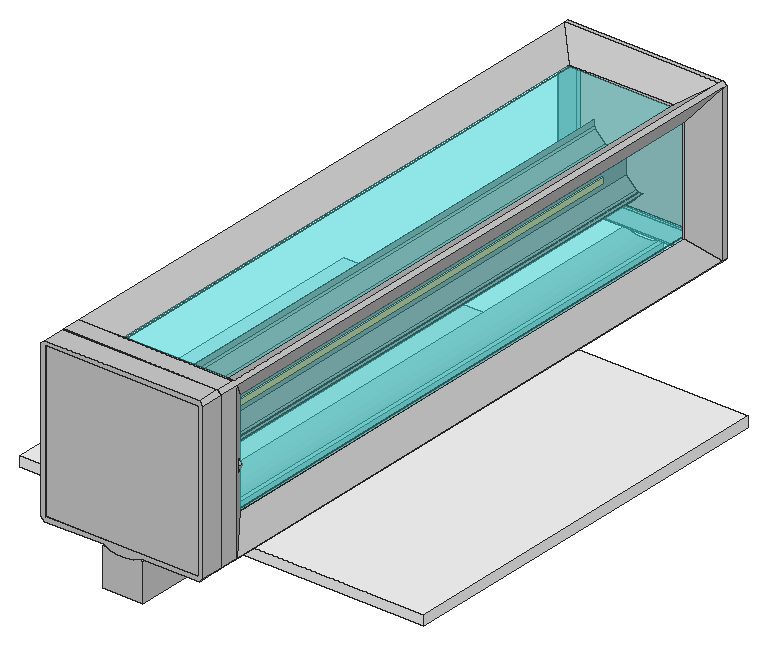
Revit family "BE_24506_de_DE", category Leuchten, Revit 2015
Parameters (values of type "BEGA_24506_Silber_K4")
  built-in parameter 1150104 = 14.539 (stored number, unit not read)
  Wattage = 18.6 W
  Default Elevation = 0 mm
  built-in parameter 1150113 = 1 (stored number, unit not read)
  built-in parameter 1114218 = 1 (stored number, unit not read)
  Umgebungstemperatur = "25 °C"
  URL = "http://www.bega.de/produkt/24506"
  Typenkommentare = "© 2017 BEGA. Wir behalten uns das Recht vor, technische Änderungen ohne vorherige Ankündigung vorzunehmen."  # constant formula
  Type Image = 24506.png
  built-in parameter 1150134 = 12
  built-in parameter 1150109 = 1 (stored number, unit not read)
  Strom = ""
  built-in parameter 1150110 = 1 (stored number, unit not read)
  Spannung = 239.996 V
  Sonderanfertigung = no
  Seriennummer [instance] = "Hier können Sie die eindeutige Seriennummer für das Facility Management eintragen."
  Schutzklasse = "I"
  Schutzart = "IP 65"
  Scheinlast = 0 VA
  Produktdatenblatt = "http://www.bega.de/download/Xrfa/db/24506.db.de.pdf"
  Oberflächentemperatur = ""
  Neigungswinkel = 0.00°
  Modell = "24506AK4"
  Material_17 = BEGA_Reflektor
  Material_15 = BEGA_Leuchtmedium_matt
  Material_12 = BEGA_Kunststoff_klar
  Material_11 = BEGA_Glas_opal
  Material_09 = BEGA_Glas_klar
  Material_06 = BEGA_Oberfläche_Edelstahl_gebürstet
  Material_05 = BEGA_Aluminium Guss
  Material_03 = BEGA_Oberfläche_Weiss_matt
  Material_02 = BEGA_Oberfläche_Silber_matt
  Material_01 [instance] = BEGA_Oberfläche_Grafit_matt
  M_W = no
  M_G = no
  M_A = yes
  Logo = 0
  built-in parameter 1114217 = 1 (stored number, unit not read)
  built-in parameter 1150139 = (empty or 0)
  built-in parameter 1150105 = 231.64 (stored number, unit not read)
  built-in parameter 1150114 = 1 (stored number, unit not read)
  Lumens = 2910.9 lm
  built-in parameter 1150115 = 1 (stored number, unit not read)
  Leuchtenlichtstrom = "1661 lm"
  Leuchtenanzahl = ""
  Lebensdauerkriterien = "L70B50 @ 25 °C = 92000 h"
  Lastklassifizierung = Beleuchtung
  built-in parameter 1150112 = 1 (stored number, unit not read)
  Lampenlichtstrom = "2910 lm"
  Lampe = "LED 18.6 W"
  LED_Modulbezeichnung = "6x LED-0614/840"
  built-in parameter 1150142 = (empty or 0)
  Hersteller = "BEGA"  # constant formula
  Halbstreuwinkel = ""
  Gewicht = "6.6 kg"
  Gebrauchslageneinschränkung [instance] = ""
  Frequenz = "0/50-60 Hz"
  Farbwiedergabeindex = "Ra > 80"
  Farbtemperaturverschiebung bei Dämpfen der Lampe = <Keine Auswahl>
  Farbtemperatur = "4000 K"
  Color Filter = 16777215
  built-in parameter 1150133 = 10 (stored number, unit not read)
  Energieeffizienzklasse = "LED A++ - A"
  built-in parameter 1150137 = (empty or 0)
  built-in parameter 1150132 = (empty or 0)
  ENEC = ""
  Dimmbar [instance] = ""
  Datei für fotometrisches Netz = "BE_24506K4.IES"
  CE_Konformität = "ja"
  Bestellnummer = "24506AK4"
  Beschreibung_Sonderanfertigung = "Hier können Sie Informationen zur Sonderanfertigung eintragen."
  Beschreibung = "Wandleuchte"
  built-in parameter 1150106 = 2.3164 (stored number, unit not read)
  Befestigungsbohrung = "Ø 6 mm"
  Befestigungsabstand = "460 mm"
  Ballwurfsicher = ""
  BEGA_Intern_aus = yes
  BEGA_Intern_an = yes
  BEGA_Intern_Konstruktion = yes
  BEGA_Intern = yes
  BEGA_IES = yes
  BEGA_Dummy = no
  Anschlussleitung = ""
  Anschlussleistung [instance] = "22 W"
  Anschlusskasten = ""
  built-in parameter 1150107 = 4000 (stored number, unit not read)
  built-in parameter 1150102 = (empty or 0)
  built-in parameter 1150138 = (empty or 0)
  Aktualisierung = "2017-06-26T04:08:37"
  Abstand_zur_angestrahlten_Fläche [instance] = ""
  AC/DC = "AC/DC"
Types (4, lengths in mm): name | built-in parameter 1150104 | built-in parameter 1150134 | Modell | M_G | M_A | built-in parameter 1150105 | Lumens | Leuchtenlichtstrom | Lampenlichtstrom | LED_Modulbezeichnung | Farbtemperatur | Datei für fotometrisches Netz | Bestellnummer | built-in parameter 1150106 | built-in parameter 1150107
  BEGA_24506_Silber_K3 | 13.332 (stored number, unit not read) | (empty or 0) | "24506A" | no | yes | 212.4 (stored number, unit not read) | 2669.1 lm | "1524 lm" | "2670 lm" | "6x LED-0614/830" | "3000 K" | "BE_24506.IES" | "24506A" | 2.124 (stored number, unit not read) | 3000 (stored number, unit not read)
  BEGA_24506_Grafit_K3 | 13.332 (stored number, unit not read) | (empty or 0) | "24506" | yes | no | 212.4 (stored number, unit not read) | 2669.1 lm | "1524 lm" | "2670 lm" | "6x LED-0614/830" | "3000 K" | "BE_24506.IES" | "24506" | 2.124 (stored number, unit not read) | 3000 (stored number, unit not read)
  BEGA_24506_Grafit_K4 | 14.539 (stored number, unit not read) | 12 | "24506K4" | yes | no | 231.64 (stored number, unit not read) | 2910.9 lm | "1661 lm" | "2910 lm" | "6x LED-0614/840" | "4000 K" | "BE_24506K4.IES" | "24506K4" | 2.3164 (stored number, unit not read) | 4000 (stored number, unit not read)
  BEGA_24506_Silber_K4 | 14.539 (stored number, unit not read) | 12 | "24506AK4" | no | yes | 231.64 (stored number, unit not read) | 2910.9 lm | "1661 lm" | "2910 lm" | "6x LED-0614/840" | "4000 K" | "BE_24506K4.IES" | "24506AK4" | 2.3164 (stored number, unit not read) | 4000 (stored number, unit not read)
Reference planes
  plane 1 "Mitte (Vorne/Hinten)": y = 0
  plane 2: z = 0
  plane 3 "Mitte (Links/Rechts)": x = 0
  plane 4 "Links": x = -80.15
  plane 5 "Rechts": x = 80.15
  plane 6 "Unten": y = -323.415
  plane 7 "Oben": y = 323.415
  plane 8 "Vorne": z = 200
  plane 9 "Hinten": z = 0
Forms (mm)
  Extrusion 1, solid, material "BEGA_Platte_Weiss"
    sketch origin (0, -1119.2, 0) x (1, 0, 0) y (0, 1, 0)
      loop
        line (-200, 1319.2) -> (-200, 919.2) -> (200, 919.2) -> (200, 1319.2) -> (-200, 1319.2)
    from 0 to -10
  Extrusion 2, solid, material "BEGA_Dummy_matt", visible <- "BEGA_Dummy"
    sketch origin (80.095, -76.023, 0) x (1, 0, 0) y (0, 1, 0)
      loop
        line (-160.245, 399.438) -> (-160.245, -247.392) -> (0.055, -247.392) -> (0.055, 399.438) -> (-160.245, 399.438)
    from 0 to 200
Dimensions and locks
  plane 1 "Mitte (Vorne/Hinten)" to Extrusion 1 = 200 mm
  aligned and locked: plane 2 to Extrusion 1
  aligned and locked: level to Extrusion 1
Nested families
  nested 1: "BE_24506" at (0, 0, 0) x (0, -1, 0) z (0, 0, 1), type "BE_24506"
Connectors
  electrical at (0, 0, 0), driven by "Lastklassifizierung", driven by "Spannung", driven by "Scheinlast"
    settings: index 1, voltage 239.996 V, apparent load 0 VA, apparent load phase1 0 VA, apparent load phase2 0 VA, apparent load phase3 0 VA, power factor 1, load classification "Beleuchtung", number of poles 1, system type 31, power factor state 1, is connector primary yes, connector utility no, sub classification motor no, connector description ""
Definition of nested family "BE_24506"
  Parameters (values of type "BE_24506")
    Default Elevation = 1 mm
    URL = "http://www.bega.de/de/produkt"
    Type Comments = "© 2015 BEGA. Wir behalten uns das Recht vor, technische Änderungen ohne vorherige Ankündigung vorzunehmen. "  # constant formula
    Type Image = (empty or 0)
    Neigungswinkel_um_Z2 = 0.00°
    Neigungswinkel_um_Z1 = 0.00°
    Neigungswinkel_um_Y2 = 0.00°
    Neigungswinkel_um_Y1 = 0.00°
    Neigungswinkel_um_X2 = 0.00°
    Neigungswinkel_um_X1 = 0.00°
    Material_17 = none
    Material_15 = none
    Material_12 = none
    Material_11 = none
    Material_09 = none
    Material_06 = none
    Material_05 = none
    Material_02 = none
    Material_01 = none
    M_W = yes
    M_G = yes
    M_A = yes
    Länge_Platte = 800 mm  # constant formula
    Höhe_Platte = -10 mm  # constant formula
    Manufacturer = "BEGA"  # constant formula
    Drehwinkel_um_Z2 = 0.00°
    Drehwinkel_um_Z1 = 0.00°
    Breite_Platte = 200 mm  # constant formula
  Reference planes
    plane 1 "Mitte (Oben/Unten)": y = 0
    plane 2: z = 0
    plane 3 "Mitte (Links/Rechts)": x = 0
    plane 4: x = -323.415
    plane 5: x = 323.415
    plane 6: z = 199.913
    plane 7: y = 80.15
    plane 8: y = -80.15
  Forms (mm)
    Extrusion 1, solid, detail levels medium
      sketch origin (0, 0, 0) x (1, 0, 0) y (0, 1, 0)
        loop
          line (-400, 100) -> (-400, -100) -> (400, -100) -> (400, 100) -> (-400, 100)
      from 0 to -10 <- "Höhe_Platte"
    Sweep 2, solid, material <- "Material_01", visible <- "M_G", detail levels medium+fine
      path origin (0, 0, 0) x (0, 1, 0) y (0, 0, 1)
        loop
          line (80.109, 199.913) -> (-80.15, 199.913) -> (-80.15, 39.613) -> (80.151, 39.613) -> (80.109, 199.913)
      profile origin (0, -0.02, 199.913) x (0, 0, -1) y (1, 0, 0)
        loop
          line (0, -318.947) -> (0, -323.415) -> (18.685, -323.415) -> (18.685, -293.415) -> (17.568, -293.415) -> (0, -318.947)
    Extrusion 3, solid, material <- "Material_01", visible <- "M_G", detail levels medium+fine
      sketch origin (0, 0, 0) x (1, 0, 0) y (0, 0, 1)
        loop
          line (-323.415, 181.227) -> (-323.415, 58.299) -> (-318.947, 58.299) -> (-318.947, 181.227) -> (-323.415, 181.227)
      from -61.461 to 62.582
    Extrusion 4, solid, material <- "Material_01", visible <- "M_G", detail levels medium+fine
      sketch origin (0, 0, 0) x (0, 1, 0) y (0, 0, 1)
        loop
          line (-18.15, 39.381) -> (-19.981, 37.55) -> (-19.981, 0) -> (-17.481, 0) -> (-17.481, 32) -> (17.568, 32) -> (17.568, 0) -> (20.019, 0) -> (20.019, 37.55) -> (18.176, 39.394)
          arc (18.176, 39.394) -> (0.014, 35.001) -> (-18.15, 39.381) r 39.8
      from -320.067 to 322.933
    Extrusion 5, solid, material <- "Material_01", visible <- "M_G", detail levels medium+fine
      sketch origin (-442, 0, 0) x (0, 1, 0) y (0, 0, 1)
        loop
          line (20.019, 0) -> (20.019, 32) -> (-19.981, 32) -> (-19.981, 0) -> (20.019, 0)
      from 124.933 to 121.933
    Extrusion 6, solid, material <- "Material_01", visible <- "M_G", detail levels medium+fine
      sketch origin (221, 0, 0) x (0, -1, 0) y (0, 0, -1)
        loop
          line (-19.039, -39.85) -> (19.039, -39.85)
          arc (19.039, -39.85) -> (0, -35.001) -> (-19.039, -39.85) r 39.8
      from 98.933 to 102.415
    Sweep 7, solid, material <- "Material_01", visible <- "M_G", detail levels medium+fine
      path origin (0, 0, 0) x (0, 1, 0) y (0, 0, 1)
        loop
          line (80.13, 199.934) -> (-80.171, 199.934) -> (-80.171, 39.593) -> (80.172, 39.593) -> (80.13, 199.934)
      profile origin (0, -0.021, 199.934) x (0, 0, -1) y (1, 0, 0)
        loop
          line (0.021, 323.415) -> (0.021, 301.915) -> (3.18, 301.915) -> (3.18, 300.191) -> (0.051, 300.191) -> (0.051, 281.735) -> (17.378, 256.697) -> (18.674, 256.697) -> (18.674, 281.415) -> (4.17, 281.415) -> (4.17, 323.415) -> (0.021, 323.415)
    Extrusion 8, solid, material <- "Material_01", visible <- "M_G", detail levels medium+fine
      sketch origin (0, 0, 0) x (1, 0, 0) y (0, 0, 1)
        loop
          line (319.415, 196.753) -> (319.415, 43.007) -> (322.415, 43.007) -> (322.415, 196.753) -> (319.415, 196.753)
      from -76.001 to 76.908
    Extrusion 9, solid, material <- "Material_01", visible <- "M_G", detail levels medium+fine
      sketch origin (0, 0, 0) x (0, 1, 0) y (0, 0, 1)
        loop
          line (76.705, 199.913) -> (51.659, 182.375) -> (62.577, 182.375) -> (62.577, 171.464) -> (80.109, 196.501) -> (80.109, 199.913) -> (76.705, 199.913)
        loop
          line (-76.705, 199.913) -> (-80.109, 199.913) -> (-80.109, 196.501) -> (-62.577, 171.464) -> (-62.577, 182.375) -> (-51.659, 182.375) -> (-76.705, 199.913)
        loop
          line (76.663, 39.643) -> (80.121, 39.643) -> (80.121, 43.007) -> (62.788, 67.761) -> (62.788, 56.971) -> (51.916, 56.971) -> (76.663, 39.643)
        loop
          line (-76.705, 39.613) -> (-51.916, 56.971) -> (-62.793, 56.971) -> (-62.793, 67.755) -> (-80.15, 42.966) -> (-80.15, 39.613) -> (-76.705, 39.613)
      from -318.947 to 281.735
    Revolve 10, void
      sketch origin (0, 0, 0) x (1, 0, 0) y (0, 0, 1)
        loop
          line (295.415, 49.352) -> (295.415, 28.319) -> (300.415, 28.319) -> (300.415, 49.352) -> (295.415, 49.352)
        axis (300.415, 49.352) -> (300.415, 28.319)
      angle from 0 to 360
    Extrusion 11, solid, material <- "Material_12", detail levels medium+fine
      sketch origin (0, 0, 0) x (0, 1, 0) y (0, 0, 1)
        loop
          line (55, 176.263) -> (-55, 176.263)
          arc (-55, 176.263) -> (-56.061, 175.824) -> (-56.5, 174.763) r 1.5
          line (-56.5, 174.763) -> (-56.5, 64.763)
          arc (-56.5, 64.763) -> (-56.061, 63.702) -> (-55, 63.263) r 1.5
          line (-55, 63.263) -> (55, 63.263)
          arc (55, 63.263) -> (56.061, 63.702) -> (56.5, 64.763) r 1.5
          line (56.5, 64.763) -> (56.5, 174.763)
          arc (56.5, 174.763) -> (56.061, 175.824) -> (55, 176.263) r 1.5
        loop
          line (55, 179.763) -> (-55, 179.763)
          arc (-55, 179.763) -> (-58.536, 178.299) -> (-60, 174.763) r 5
          line (-60, 174.763) -> (-60, 64.763)
          arc (-60, 64.763) -> (-58.536, 61.227) -> (-55, 59.763) r 5
          line (-55, 59.763) -> (55, 59.763)
          arc (55, 59.763) -> (58.536, 61.227) -> (60, 64.763) r 5
          line (60, 64.763) -> (60, 174.763)
          arc (60, 174.763) -> (58.536, 178.299) -> (55, 179.763) r 5
      from -313.624 to 283.562
    Extrusion 12, solid, material <- "Material_15", detail levels medium+fine
      sketch origin (0, 0, 0) x (1, 0, 0) y (0, 0, 1)
        loop
          line (-253.32, 132.313) -> (236.68, 132.313) -> (236.68, 133.384) -> (-253.32, 133.384) -> (-253.32, 132.313)
      from 2.75 to -2.75
    Extrusion 13, solid, material <- "Material_05", detail levels medium+fine
      sketch origin (0, 0, 0) x (0, 1, 0) y (0, 0, 1)
        loop
          line (9.5, 130.763) -> (-9.5, 130.763) -> (-19.228, 140.491)
          arc (-19.228, 140.491) -> (-19.878, 141.464) -> (-20.107, 142.612) r 3
          line (-20.107, 142.612) -> (-20.107, 148.252)
          arc (-20.107, 148.252) -> (-21.129, 147.165) -> (-21.5, 145.719) r 3
          line (-21.5, 145.719) -> (-21.5, 144.263)
          arc (-21.5, 144.263) -> (-22.379, 142.142) -> (-24.5, 141.263) r 3
          line (-24.5, 141.263) -> (-25.956, 141.263)
          arc (-25.956, 141.263) -> (-27.402, 140.892) -> (-28.489, 139.87) r 3
          line (-28.489, 139.87) -> (-22.849, 139.87)
          arc (-22.849, 139.87) -> (-21.696, 139.639) -> (-20.721, 138.984) r 3
          line (-20.721, 138.984) -> (-11, 129.263) -> (-11, 110.263) -> (-20.721, 100.542)
          arc (-20.721, 100.542) -> (-21.696, 99.887) -> (-22.849, 99.656) r 3
          line (-22.849, 99.656) -> (-28.489, 99.656)
          arc (-28.489, 99.656) -> (-27.402, 98.634) -> (-25.956, 98.263) r 3
          line (-25.956, 98.263) -> (-24.5, 98.263)
          arc (-24.5, 98.263) -> (-22.379, 97.384) -> (-21.5, 95.263) r 3
          line (-21.5, 95.263) -> (-21.5, 93.807)
          arc (-21.5, 93.807) -> (-21.129, 92.361) -> (-20.107, 91.274) r 3
          line (-20.107, 91.274) -> (-20.107, 96.914)
          arc (-20.107, 96.914) -> (-19.878, 98.062) -> (-19.228, 99.035) r 3
          line (-19.228, 99.035) -> (-9.5, 108.763) -> (9.5, 108.763) -> (19.228, 99.035)
          arc (19.228, 99.035) -> (19.878, 98.062) -> (20.107, 96.914) r 3
          line (20.107, 96.914) -> (20.107, 91.274)
          arc (20.107, 91.274) -> (21.129, 92.361) -> (21.5, 93.807) r 3
          line (21.5, 93.807) -> (21.5, 95.263)
          arc (21.5, 95.263) -> (22.379, 97.384) -> (24.5, 98.263) r 3
          line (24.5, 98.263) -> (25.956, 98.263)
          arc (25.956, 98.263) -> (27.402, 98.634) -> (28.489, 99.656) r 3
          line (28.489, 99.656) -> (22.849, 99.656)
          arc (22.849, 99.656) -> (21.696, 99.887) -> (20.721, 100.542) r 3
          line (20.721, 100.542) -> (11, 110.263) -> (11, 129.263) -> (20.721, 138.984)
          arc (20.721, 138.984) -> (21.696, 139.639) -> (22.849, 139.87) r 3
          line (22.849, 139.87) -> (28.489, 139.87)
          arc (28.489, 139.87) -> (27.402, 140.892) -> (25.956, 141.263) r 3
          line (25.956, 141.263) -> (24.5, 141.263)
          arc (24.5, 141.263) -> (22.379, 142.142) -> (21.5, 144.263) r 3
          line (21.5, 144.263) -> (21.5, 145.719)
          arc (21.5, 145.719) -> (21.129, 147.165) -> (20.107, 148.252) r 3
          line (20.107, 148.252) -> (20.107, 142.612)
          arc (20.107, 142.612) -> (19.878, 141.464) -> (19.228, 140.491) r 3
          line (19.228, 140.491) -> (9.5, 130.763)
      from -285.148 to 278.127
    Extrusion 14, void
      sketch origin (0, 0, 0) x (0, 1, 0) y (0, 0, 1)
        loop
          line (-70.908, 125.979) -> (-77.62, 125.979) -> (-77.62, 113.573) -> (-70.908, 113.573)
          arc (-70.908, 113.573) -> (-64.545, 119.776) -> (-70.908, 125.979) r 6.205
        loop
          arc (70.908, 125.979) -> (64.545, 119.776) -> (70.908, 113.573) r 6.205
          line (70.908, 113.573) -> (77.62, 113.573) -> (77.62, 125.979) -> (70.908, 125.979)
      from 256.697 to 276.701
    Extrusion 15, solid, material <- "Material_06", detail levels fine
      sketch origin (0, 0, 0) x (0, 1, 0) y (0, 0, 1)
        loop
          circle (-70.75, 119.763) r 5
        loop
          circle (70.75, 119.763) r 5
      from 270.594 to 276.701
    Extrusion 16, solid, material <- "Material_15", detail levels medium+fine
      sketch origin (0, -135.575, 120.028) x (1, 0, 0) y (0, 0.999998, -0.002156)
        loop
          line (-253.32, 122.05) -> (236.68, 122.05) -> (236.68, 123.025) -> (-253.32, 123.025) -> (-253.32, 122.05)
      from 2.75 to -2.75
    Extrusion 17, solid, material <- "Material_15", detail levels medium+fine
      sketch origin (0, 135.575, 120.028) x (1, 0, 0) y (0, 0.999998, 0.002156)
        loop
          line (-253.32, -122.05) -> (-253.32, -123.025) -> (236.68, -123.025) -> (236.68, -122.05) -> (-253.32, -122.05)
      from 2.75 to -2.75
    Extrusion 18, solid, material <- "Material_01", visible <- "M_G", detail levels medium+fine
      sketch origin (442, 0, 0) x (0, 1, 0) y (0, 0, -1)
        loop
          line (20.019, 0) -> (-19.981, 0) -> (-19.981, -32) -> (20.019, -32) -> (20.019, 0)
      from 119.067 to 122.067
    Revolve 19, void
      sketch origin (-74.401, 66.713, 0) x (1, 0, 0) y (0, 0, 1)
        loop
          line (-248.004, 56.25) -> (-249.014, 57.26) -> (-249.014, 53.05) -> (-246.427, 53.05) -> (-246.427, 56.25) -> (-248.004, 56.25)
        axis (-249.014, 53.05) -> (-246.427, 53.05)
      angle from 0 to 360
    Revolve 20, solid, material <- "Material_06", detail levels fine
      sketch origin (-74.401, 66.713, 0) x (1, 0, 0) y (0, 0, 1)
        loop
          line (-249, 57.216) -> (-249, 53.05) -> (-248.013, 53.05) -> (-248.013, 56.229) -> (-249, 57.216)
        axis (-249, 53.05) -> (-248, 53.05)
      angle from 0 to 360
    Extrusion 21, void
      sketch origin (0, 0, 0) x (0, 1, 0) y (0, 0, 1)
        loop
          line (80.519, 195.715) -> (80.519, 200.286) -> (75.948, 200.286) -> (80.519, 195.715)
        loop
          line (-80.519, 195.715) -> (-75.948, 200.286) -> (-80.519, 200.286) -> (-80.519, 195.715)
        loop
          line (80.519, 43.811) -> (75.948, 39.24) -> (80.519, 39.24) -> (80.519, 43.811)
        loop
          line (-80.519, 43.811) -> (-80.519, 39.24) -> (-75.948, 39.24) -> (-80.519, 43.811)
      from -329.948 to 329.076
    Extrusion 22, solid, material <- "Material_01", visible <- "M_G", detail levels medium+fine
      sketch origin (0, 0, 0) x (1, 0, 0) y (0, 1, 0)
        loop
          line (-241.867, 17.568) -> (-241.867, -17.481) -> (-207.867, -17.481) -> (-207.867, 17.568) -> (-241.867, 17.568)
        loop
          arc (-223.477, -3) -> (-213.367, 0) -> (-223.477, 3) r 5.5
          line (-223.477, 3) -> (-233.057, 3)
          arc (-233.057, 3) -> (-236.057, 0) -> (-233.057, -3) r 3
          line (-233.057, -3) -> (-223.477, -3)
        loop
          line (252.133, 17.568) -> (218.133, 17.568) -> (218.133, -17.481) -> (252.133, -17.481) -> (252.133, 17.568)
        loop
          arc (236.023, -3) -> (246.133, 0) -> (236.023, 3) r 5.5
          line (236.023, 3) -> (226.633, 3)
          arc (226.633, 3) -> (223.633, 0) -> (226.633, -3) r 3
          line (226.633, -3) -> (236.023, -3)
      from 0.19 to 3
    Revolve 23, void
      sketch origin (-74.401, -66.713, 0) x (1, 0, 0) y (0, 0, -1)
        loop
          line (-248.004, -56.25) -> (-246.427, -56.25) -> (-246.427, -53.05) -> (-249.014, -53.05) -> (-249.014, -57.26) -> (-248.004, -56.25)
        axis (-249.014, -53.05) -> (-246.427, -53.05)
      angle from 0 to 360
    Revolve 24, solid, material <- "Material_06", detail levels fine
      sketch origin (-74.401, -66.713, 0) x (1, 0, 0) y (0, 0, -1)
        loop
          line (-249, -57.216) -> (-248.013, -56.229) -> (-248.013, -53.05) -> (-249, -53.05) -> (-249, -57.216)
        axis (-249, -53.05) -> (-248, -53.05)
      angle from 0 to 360
    Revolve 25, void
      sketch origin (-74.401, 66.713, 239.526) x (1, 0, 0) y (0, 0, 1)
        loop
          line (-248.004, -56.25) -> (-246.427, -56.25) -> (-246.427, -53.05) -> (-249.014, -53.05) -> (-249.014, -57.26) -> (-248.004, -56.25)
        axis (-249.014, -53.05) -> (-246.427, -53.05)
      angle from 0 to 360
    Revolve 26, solid, material <- "Material_06", detail levels fine
      sketch origin (-74.401, 66.713, 239.526) x (1, 0, 0) y (0, 0, 1)
        loop
          line (-249, -57.216) -> (-248.013, -56.229) -> (-248.013, -53.05) -> (-249, -53.05) -> (-249, -57.216)
        axis (-249, -53.05) -> (-248, -53.05)
      angle from 0 to 360
    Revolve 27, void
      sketch origin (-74.401, -66.713, 239.526) x (1, 0, 0) y (0, 0, -1)
        loop
          line (-248.004, 56.25) -> (-249.014, 57.26) -> (-249.014, 53.05) -> (-246.427, 53.05) -> (-246.427, 56.25) -> (-248.004, 56.25)
        axis (-249.014, 53.05) -> (-246.427, 53.05)
      angle from 0 to 360
    Revolve 28, solid, material <- "Material_06", detail levels fine
      sketch origin (-74.401, -66.713, 239.526) x (1, 0, 0) y (0, 0, -1)
        loop
          line (-249, 57.216) -> (-249, 53.05) -> (-248.013, 53.05) -> (-248.013, 56.229) -> (-249, 57.216)
        axis (-249, 53.05) -> (-248, 53.05)
      angle from 0 to 360
    Extrusion 29, solid, material <- "Material_02", visible <- "M_A", detail levels medium+fine
      sketch origin (0, 0, 0) x (0, 1, 0) y (0, 0, 1)
        loop
          line (-18.15, 39.381) -> (-19.981, 37.55) -> (-19.981, 0) -> (-17.481, 0) -> (-17.481, 32) -> (17.568, 32) -> (17.568, 0) -> (20.019, 0) -> (20.019, 37.55) -> (18.176, 39.394)
          arc (18.176, 39.394) -> (0.014, 35.001) -> (-18.15, 39.381) r 39.8
      from -320.067 to 322.933
    Extrusion 30, solid, material <- "Material_02", visible <- "M_A", detail levels medium+fine
      sketch origin (-442, 0, 0) x (0, 1, 0) y (0, 0, 1)
        loop
          line (20.019, 0) -> (20.019, 32) -> (-19.981, 32) -> (-19.981, 0) -> (20.019, 0)
      from 124.933 to 121.933
    Extrusion 31, solid, material <- "Material_02", visible <- "M_A", detail levels medium+fine
      sketch origin (442, 0, 0) x (0, 1, 0) y (0, 0, -1)
        loop
          line (20.019, 0) -> (-19.981, 0) -> (-19.981, -32) -> (20.019, -32) -> (20.019, 0)
      from 119.067 to 122.067
    Extrusion 32, solid, material <- "Material_02", visible <- "M_A", detail levels medium+fine
      sketch origin (0, 0, 0) x (1, 0, 0) y (0, 1, 0)
        loop
          line (-241.867, 17.568) -> (-241.867, -17.481) -> (-207.867, -17.481) -> (-207.867, 17.568) -> (-241.867, 17.568)
        loop
          arc (-223.477, -3) -> (-213.367, 0) -> (-223.477, 3) r 5.5
          line (-223.477, 3) -> (-233.057, 3)
          arc (-233.057, 3) -> (-236.057, 0) -> (-233.057, -3) r 3
          line (-233.057, -3) -> (-223.477, -3)
        loop
          line (252.133, 17.568) -> (218.133, 17.568) -> (218.133, -17.481) -> (252.133, -17.481) -> (252.133, 17.568)
        loop
          arc (236.023, -3) -> (246.133, 0) -> (236.023, 3) r 5.5
          line (236.023, 3) -> (226.633, 3)
          arc (226.633, 3) -> (223.633, 0) -> (226.633, -3) r 3
          line (226.633, -3) -> (236.023, -3)
      from 0.19 to 3
    Sweep 33, solid, material <- "Material_02", visible <- "M_A", detail levels medium+fine
      path origin (0, 0, 0) x (0, 1, 0) y (0, 0, 1)
        loop
          line (80.109, 199.913) -> (-80.15, 199.913) -> (-80.15, 39.613) -> (80.151, 39.613) -> (80.109, 199.913)
      profile origin (0, -0.02, 199.913) x (0, 0, -1) y (1, 0, 0)
        loop
          line (0, -318.947) -> (0, -323.415) -> (18.685, -323.415) -> (18.685, -293.415) -> (17.568, -293.415) -> (0, -318.947)
    Extrusion 34, solid, material <- "Material_02", visible <- "M_A", detail levels medium+fine
      sketch origin (0, 0, 0) x (1, 0, 0) y (0, 0, 1)
        loop
          line (-323.415, 181.227) -> (-323.415, 58.299) -> (-318.947, 58.299) -> (-318.947, 181.227) -> (-323.415, 181.227)
      from -61.461 to 62.582
    Extrusion 35, solid, material <- "Material_02", visible <- "M_A", detail levels medium+fine
      sketch origin (221, 0, 0) x (0, -1, 0) y (0, 0, -1)
        loop
          line (-19.039, -39.85) -> (19.039, -39.85)
          arc (19.039, -39.85) -> (0, -35.001) -> (-19.039, -39.85) r 39.8
      from 98.933 to 102.415
    Sweep 36, solid, material <- "Material_02", visible <- "M_A", detail levels medium+fine
      path origin (0, 0, 0) x (0, 1, 0) y (0, 0, 1)
        loop
          line (80.13, 199.934) -> (-80.171, 199.934) -> (-80.171, 39.593) -> (80.172, 39.593) -> (80.13, 199.934)
      profile origin (0, -0.021, 199.934) x (0, 0, -1) y (1, 0, 0)
        loop
          line (0.021, 323.415) -> (0.021, 301.915) -> (3.18, 301.915) -> (3.18, 300.191) -> (0.051, 300.191) -> (0.051, 281.735) -> (17.378, 256.697) -> (18.674, 256.697) -> (18.674, 281.415) -> (4.17, 281.415) -> (4.17, 323.415) -> (0.021, 323.415)
    Extrusion 37, solid, material <- "Material_02", visible <- "M_A", detail levels medium+fine
      sketch origin (0, 0, 0) x (1, 0, 0) y (0, 0, 1)
        loop
          line (319.415, 196.753) -> (319.415, 43.007) -> (322.415, 43.007) -> (322.415, 196.753) -> (319.415, 196.753)
      from -76.001 to 76.908
    Extrusion 38, solid, material <- "Material_02", visible <- "M_A", detail levels medium+fine
      sketch origin (0, 0, 0) x (0, 1, 0) y (0, 0, 1)
        loop
          line (76.705, 199.913) -> (51.659, 182.375) -> (62.577, 182.375) -> (62.577, 171.464) -> (80.109, 196.501) -> (80.109, 199.913) -> (76.705, 199.913)
        loop
          line (-76.705, 199.913) -> (-80.109, 199.913) -> (-80.109, 196.501) -> (-62.577, 171.464) -> (-62.577, 182.375) -> (-51.659, 182.375) -> (-76.705, 199.913)
        loop
          line (76.663, 39.643) -> (80.121, 39.643) -> (80.121, 43.007) -> (62.788, 67.761) -> (62.788, 56.971) -> (51.916, 56.971) -> (76.663, 39.643)
        loop
          line (-76.705, 39.613) -> (-51.916, 56.971) -> (-62.793, 56.971) -> (-62.793, 67.755) -> (-80.15, 42.966) -> (-80.15, 39.613) -> (-76.705, 39.613)
      from -318.947 to 281.735
  Cuts and joins
    Revolve 10 cuts Extrusion 4
    Revolve 10 cuts Extrusion 5
    joined: Extrusion 4, Extrusion 5, Extrusion 18, Extrusion 22
    Revolve 19, Extrusion 21, Revolve 23, Revolve 25, Revolve 27 cuts Sweep 2
    Revolve 19, Extrusion 21, Revolve 23, Revolve 25, Revolve 27 cuts Extrusion 3
    Revolve 19, Extrusion 21, Revolve 23, Revolve 25, Revolve 27 cuts Extrusion 6
    Extrusion 14, Revolve 19, Extrusion 21, Revolve 23, Revolve 25, Revolve 27 cuts Sweep 7
    Revolve 19, Extrusion 21, Revolve 23, Revolve 25, Revolve 27 cuts Extrusion 8
    Revolve 19, Extrusion 21, Revolve 23, Revolve 25, Revolve 27 cuts Extrusion 9
    joined: Sweep 2, Extrusion 3, Extrusion 6, Sweep 7, Extrusion 8, Extrusion 9
    Revolve 10 cuts Extrusion 29
    joined: Extrusion 29, Extrusion 30, Extrusion 31, Extrusion 32
    Revolve 19, Extrusion 21, Revolve 23, Revolve 25, Revolve 27 cuts Sweep 33
    Extrusion 14, Extrusion 21 cuts Sweep 36
    Extrusion 21 cuts Extrusion 38
    joined: Sweep 33, Extrusion 34, Extrusion 35, Sweep 36, Extrusion 37, Extrusion 38
  Dimensions and locks
    equal spacing: Extrusion 1 sketch curve, plane 3 "Mitte (Links/Rechts)", Extrusion 1 sketch curve
    equal spacing: Extrusion 1 sketch curve, plane 1 "Mitte (Oben/Unten)", Extrusion 1 sketch curve
    "Länge_Platte": Extrusion 1 sketch curve to Extrusion 1 sketch curve
    "Breite_Platte": Extrusion 1 sketch curve to Extrusion 1 sketch curve
    aligned and locked: Extrusion 1 to plane 2
    aligned and locked: level to Extrusion 1
  Automatic sketch dimensions
    level to Sweep 2 sketch curve = 39.613 mm
    Sweep 2 sketch curve to profile plane = 0 mm
    Sweep 2 sketch curve to profile plane = 17.568 mm
    Sweep 2 sketch curve to Sweep 2 sketch curve = 1.117 mm
    Sweep 2 sketch curve to plane 3 "Mitte (Links/Rechts)" = 323.415 mm
    Sweep 2 sketch curve to Sweep 2 sketch curve = 4.468 mm
    Sweep 2 sketch curve to Sweep 2 sketch curve = 30 mm
    Extrusion 3 sketch curve to Extrusion 3 sketch curve = 4.468 mm
    level to Extrusion 3 sketch curve = 58.299 mm
    Extrusion 4 sketch curve to level = 0 mm  (x2)
    Extrusion 4 sketch curve to plane 1 "Mitte (Oben/Unten)" = 0 mm
    plane 1 "Mitte (Oben/Unten)" to Extrusion 4 sketch curve = 17.481 mm
    Extrusion 4 sketch curve to Extrusion 4 sketch curve = 0.669 mm
    Extrusion 4 sketch curve to Extrusion 4 sketch curve = 1.831 mm  (x2)
    Extrusion 4 sketch curve to plane 1 "Mitte (Oben/Unten)" = 17.568 mm
    Extrusion 4 sketch curve to Extrusion 4 sketch curve = 0.608 mm
    Extrusion 4 sketch curve to Extrusion 4 sketch curve = 1.843 mm
    Extrusion 4 sketch curve to Extrusion 4 sketch curve = 32 mm
    Extrusion 4 sketch curve to Extrusion 4 sketch curve = 5.55 mm  (x2)
    Extrusion 4 sketch curve to Extrusion 4 sketch curve = 1.844 mm
    Extrusion 5 sketch curve to level = 0 mm
    plane 1 "Mitte (Oben/Unten)" to Extrusion 5 sketch curve = 19.981 mm
    Extrusion 5 sketch curve to plane 1 "Mitte (Oben/Unten)" = 20.019 mm
    Extrusion 5 sketch curve to Extrusion 5 sketch curve = 32 mm
    Extrusion 6 sketch curve to plane 1 "Mitte (Oben/Unten)" = 0 mm
    Extrusion 6 sketch curve to plane 1 "Mitte (Oben/Unten)" = 19.039 mm
    level to Extrusion 6 sketch curve = 74.801 mm
    Extrusion 6 sketch curve to Extrusion 6 sketch curve = 34.951 mm
    level to Sweep 7 sketch curve = 39.593 mm
    Sweep 7 sketch curve to profile plane = 0.021 mm
    Sweep 7 sketch curve to profile plane = 0.051 mm
    Sweep 7 sketch curve to Sweep 7 sketch curve = 3.159 mm
    Sweep 7 sketch curve to Sweep 7 sketch curve = 4.149 mm
    Sweep 7 sketch curve to profile plane = 17.378 mm
    Sweep 7 sketch curve to Sweep 7 sketch curve = 14.504 mm
    plane 3 "Mitte (Links/Rechts)" to Sweep 7 sketch curve = 256.697 mm
    Sweep 7 sketch curve to Sweep 7 sketch curve = 24.718 mm
    Sweep 7 sketch curve to Sweep 7 sketch curve = 0.32 mm
    Sweep 7 sketch curve to Sweep 7 sketch curve = 18.456 mm
    Sweep 7 sketch curve to Sweep 7 sketch curve = 1.724 mm
    Sweep 7 sketch curve to Sweep 7 sketch curve = 21.5 mm
    Extrusion 8 sketch curve to Extrusion 8 sketch curve = 3 mm
    level to Extrusion 8 sketch curve = 43.007 mm
    Extrusion 9 sketch curve to Extrusion 9 sketch curve = 3.445 mm
    Extrusion 9 sketch curve to Extrusion 9 sketch curve = 3.404 mm  (x2)
    Extrusion 9 sketch curve to Extrusion 9 sketch curve = 10.876 mm
    Extrusion 9 sketch curve to Extrusion 9 sketch curve = 10.919 mm  (x2)
    Extrusion 9 sketch curve to Extrusion 9 sketch curve = 3.459 mm
    level to Extrusion 9 sketch curve = 67.761 mm
    level to Extrusion 9 sketch curve = 67.755 mm
    Extrusion 9 sketch curve to Extrusion 9 sketch curve = 10.791 mm
    Extrusion 9 sketch curve to Extrusion 9 sketch curve = 10.784 mm
    Extrusion 9 sketch curve to Extrusion 9 sketch curve = 13.964 mm
    Extrusion 9 sketch curve to Extrusion 9 sketch curve = 14.004 mm
    Extrusion 9 sketch curve to Extrusion 9 sketch curve = 3.364 mm
    Extrusion 9 sketch curve to Extrusion 9 sketch curve = 3.353 mm
    Extrusion 9 sketch curve to Extrusion 9 sketch curve = 3.411 mm  (x2)
    Revolve 10 sketch curve to Revolve 10 sketch curve = 5 mm
    level to Revolve 10 sketch curve = 28.319 mm
    Revolve 10 sketch curve to Revolve 10 sketch curve = 21.033 mm
    Revolve 10 sketch curve to Revolve 10 sketch curve = 0 mm  (x2)
    Revolve 10 sketch curve to Revolve 10 sketch curve = 8.375 mm
    Extrusion 11 sketch curve to Extrusion 11 sketch curve = 0 mm  (x9)
    Extrusion 11 sketch curve to Extrusion 11 sketch curve = 3.5 mm
    Extrusion 11 sketch curve to Extrusion 11 sketch curve = 1.5 mm  (x3)
    level to Extrusion 11 sketch curve = 64.763 mm
    plane 1 "Mitte (Oben/Unten)" to Extrusion 13 sketch curve = 28.489 mm  (x2)
    Extrusion 13 sketch curve to Extrusion 13 sketch curve = 2.534 mm  (x5)
    Extrusion 13 sketch curve to Extrusion 13 sketch curve = 1.456 mm  (x8)
    Extrusion 13 sketch curve to Extrusion 13 sketch curve = 3.107 mm  (x2)
    Extrusion 13 sketch curve to Extrusion 13 sketch curve = 1.651 mm  (x5)
    Extrusion 13 sketch curve to Extrusion 13 sketch curve = 3 mm  (x8)
    Extrusion 13 sketch curve to Extrusion 13 sketch curve = 2.129 mm  (x4)
    Extrusion 13 sketch curve to Extrusion 13 sketch curve = 1.393 mm  (x10)
    Extrusion 13 sketch curve to Extrusion 13 sketch curve = 1.607 mm
    plane 1 "Mitte (Oben/Unten)" to Extrusion 13 sketch curve = 11 mm
    Extrusion 13 sketch curve to Extrusion 13 sketch curve = 1.5 mm  (x6)
    Extrusion 13 sketch curve to plane 1 "Mitte (Oben/Unten)" = 9.5 mm  (x2)
    Extrusion 13 sketch curve to Extrusion 13 sketch curve = 7.607 mm  (x4)
    Extrusion 13 sketch curve to Extrusion 13 sketch curve = 0.614 mm  (x2)
    Extrusion 13 sketch curve to Extrusion 13 sketch curve = 0.886 mm  (x2)
    Extrusion 13 sketch curve to Extrusion 13 sketch curve = 8.221 mm
    Extrusion 13 sketch curve to Extrusion 13 sketch curve = 19 mm  (x2)
    Extrusion 13 sketch curve to Extrusion 13 sketch curve = 2.114 mm  (x2)
    Extrusion 13 sketch curve to Extrusion 13 sketch curve = 1.493 mm  (x4)
    Extrusion 13 sketch curve to Extrusion 13 sketch curve = 0 mm  (x8)
    Extrusion 14 sketch curve to Extrusion 14 sketch curve = 6.712 mm  (x2)
    Extrusion 14 sketch curve to Extrusion 14 sketch curve = 6.203 mm  (x2)
    Extrusion 16 sketch curve to Extrusion 16 sketch curve = 0.975 mm
    Extrusion 17 sketch curve to Extrusion 17 sketch curve = 0.975 mm
    Extrusion 18 sketch curve to level = 0 mm
    plane 1 "Mitte (Oben/Unten)" to Extrusion 18 sketch curve = 19.981 mm
    Extrusion 18 sketch curve to plane 1 "Mitte (Oben/Unten)" = 20.019 mm
    Extrusion 18 sketch curve to Extrusion 18 sketch curve = 32 mm
    Revolve 19 sketch curve to Revolve 19 sketch curve = 1.01 mm  (x2)
    Revolve 19 sketch curve to Revolve 19 sketch curve = 1.577 mm
    level to Revolve 19 sketch curve = 53.05 mm
    Revolve 19 sketch curve to Revolve 19 sketch curve = 3.2 mm
    Revolve 19 sketch curve to Revolve 19 sketch curve = 0 mm  (x3)
    Revolve 20 sketch curve to Revolve 20 sketch curve = 0.987 mm  (x2)
    level to Revolve 20 sketch curve = 53.05 mm
    Revolve 20 sketch curve to Revolve 20 sketch curve = 3.179 mm
    Revolve 20 sketch curve to Revolve 20 sketch curve = 0.058 mm
    Revolve 20 sketch curve to Revolve 20 sketch curve = 0.191 mm
    Revolve 20 sketch curve to Revolve 20 sketch curve = 0 mm
    Extrusion 21 sketch curve to Extrusion 21 sketch curve = 4.571 mm  (x8)
    level to Extrusion 21 sketch curve = 39.24 mm  (x2)
    plane 1 "Mitte (Oben/Unten)" to Extrusion 22 sketch curve = 0 mm  (x4)
    plane 1 "Mitte (Oben/Unten)" to Extrusion 22 sketch curve = 3 mm  (x2)
    Extrusion 22 sketch curve to Extrusion 22 sketch curve = 9.58 mm
    Extrusion 22 sketch curve to Extrusion 22 sketch curve = 4.61 mm  (x2)
    Extrusion 22 sketch curve to Extrusion 22 sketch curve = 11 mm
    Extrusion 22 sketch curve to Extrusion 22 sketch curve = 8.5 mm
    Extrusion 22 sketch curve to Extrusion 22 sketch curve = 9.39 mm
    Extrusion 22 sketch curve to Extrusion 22 sketch curve = 14.481 mm  (x2)
    Extrusion 22 sketch curve to plane 1 "Mitte (Oben/Unten)" = 17.568 mm  (x2)
    Revolve 23 sketch curve to Revolve 23 sketch curve = 1.01 mm  (x2)
    Revolve 23 sketch curve to Revolve 23 sketch curve = 1.577 mm
    level to Revolve 23 sketch curve = 57.26 mm
    Revolve 23 sketch curve to Revolve 23 sketch curve = 3.2 mm
    Revolve 23 sketch curve to Revolve 23 sketch curve = 0 mm  (x3)
    Revolve 24 sketch curve to Revolve 24 sketch curve = 0.987 mm  (x2)
    level to Revolve 24 sketch curve = 57.216 mm
    Revolve 24 sketch curve to Revolve 24 sketch curve = 3.179 mm
    Revolve 24 sketch curve to Revolve 24 sketch curve = 0.058 mm
    Revolve 24 sketch curve to Revolve 24 sketch curve = 0.191 mm
    Revolve 24 sketch curve to Revolve 24 sketch curve = 0 mm
    Revolve 25 sketch curve to Revolve 25 sketch curve = 1.01 mm  (x2)
    Revolve 25 sketch curve to Revolve 25 sketch curve = 1.577 mm
    Revolve 25 sketch curve to Revolve 25 sketch curve = 3.2 mm
    Revolve 25 sketch curve to Revolve 25 sketch curve = 0 mm  (x3)
    Revolve 26 sketch curve to Revolve 26 sketch curve = 0.987 mm  (x2)
    Revolve 26 sketch curve to Revolve 26 sketch curve = 0.058 mm
    Revolve 26 sketch curve to Revolve 26 sketch curve = 0.191 mm
    Revolve 26 sketch curve to Revolve 26 sketch curve = 0 mm
    Revolve 27 sketch curve to Revolve 27 sketch curve = 1.01 mm  (x2)
    Revolve 27 sketch curve to Revolve 27 sketch curve = 1.577 mm
    Revolve 27 sketch curve to Revolve 27 sketch curve = 3.2 mm
    Revolve 27 sketch curve to Revolve 27 sketch curve = 0 mm  (x3)
    Revolve 28 sketch curve to Revolve 28 sketch curve = 0.987 mm  (x2)
    Revolve 28 sketch curve to Revolve 28 sketch curve = 0.058 mm
    Revolve 28 sketch curve to Revolve 28 sketch curve = 0.191 mm
    Revolve 28 sketch curve to Revolve 28 sketch curve = 0 mm
    Extrusion 12 sketch curve to Extrusion 12 sketch curve = 1.071 mm
    Extrusion 29 sketch curve to level = 0 mm  (x2)
    Extrusion 29 sketch curve to plane 1 "Mitte (Oben/Unten)" = 0 mm
    plane 1 "Mitte (Oben/Unten)" to Extrusion 29 sketch curve = 17.481 mm
    Extrusion 29 sketch curve to Extrusion 29 sketch curve = 0.669 mm
    Extrusion 29 sketch curve to Extrusion 29 sketch curve = 1.831 mm  (x2)
    Extrusion 29 sketch curve to plane 1 "Mitte (Oben/Unten)" = 17.568 mm
    Extrusion 29 sketch curve to Extrusion 29 sketch curve = 0.608 mm
    Extrusion 29 sketch curve to Extrusion 29 sketch curve = 1.843 mm
    Extrusion 29 sketch curve to Extrusion 29 sketch curve = 32 mm
    Extrusion 29 sketch curve to Extrusion 29 sketch curve = 5.55 mm  (x2)
    Extrusion 29 sketch curve to Extrusion 29 sketch curve = 1.844 mm
    Extrusion 30 sketch curve to level = 0 mm
    plane 1 "Mitte (Oben/Unten)" to Extrusion 30 sketch curve = 19.981 mm
    Extrusion 30 sketch curve to plane 1 "Mitte (Oben/Unten)" = 20.019 mm
    Extrusion 30 sketch curve to Extrusion 30 sketch curve = 32 mm
    Extrusion 31 sketch curve to level = 0 mm
    plane 1 "Mitte (Oben/Unten)" to Extrusion 31 sketch curve = 19.981 mm
    Extrusion 31 sketch curve to plane 1 "Mitte (Oben/Unten)" = 20.019 mm
    Extrusion 31 sketch curve to Extrusion 31 sketch curve = 32 mm
    plane 1 "Mitte (Oben/Unten)" to Extrusion 32 sketch curve = 0 mm  (x4)
    plane 1 "Mitte (Oben/Unten)" to Extrusion 32 sketch curve = 3 mm  (x2)
    Extrusion 32 sketch curve to Extrusion 32 sketch curve = 9.58 mm
    Extrusion 32 sketch curve to Extrusion 32 sketch curve = 4.61 mm  (x2)
    Extrusion 32 sketch curve to Extrusion 32 sketch curve = 11 mm
    Extrusion 32 sketch curve to Extrusion 32 sketch curve = 8.5 mm
    Extrusion 32 sketch curve to Extrusion 32 sketch curve = 9.39 mm
    Extrusion 32 sketch curve to Extrusion 32 sketch curve = 14.481 mm  (x2)
    Extrusion 32 sketch curve to plane 1 "Mitte (Oben/Unten)" = 17.568 mm  (x2)
    level to Sweep 33 sketch curve = 39.613 mm
    Sweep 33 sketch curve to profile plane = 0 mm
    Sweep 33 sketch curve to profile plane = 17.568 mm
    Sweep 33 sketch curve to Sweep 33 sketch curve = 1.117 mm
    Sweep 33 sketch curve to plane 3 "Mitte (Links/Rechts)" = 323.415 mm
    Sweep 33 sketch curve to Sweep 33 sketch curve = 4.468 mm
    Sweep 33 sketch curve to Sweep 33 sketch curve = 30 mm
    Extrusion 34 sketch curve to Extrusion 34 sketch curve = 4.468 mm
    level to Extrusion 34 sketch curve = 58.299 mm
    Extrusion 35 sketch curve to plane 1 "Mitte (Oben/Unten)" = 0 mm
    Extrusion 35 sketch curve to plane 1 "Mitte (Oben/Unten)" = 19.039 mm
    level to Extrusion 35 sketch curve = 74.801 mm
    Extrusion 35 sketch curve to Extrusion 35 sketch curve = 34.951 mm
    level to Sweep 36 sketch curve = 39.593 mm
    Sweep 36 sketch curve to profile plane = 0.021 mm
    Sweep 36 sketch curve to profile plane = 0.051 mm
    Sweep 36 sketch curve to Sweep 36 sketch curve = 3.159 mm
    Sweep 36 sketch curve to Sweep 36 sketch curve = 4.149 mm
    Sweep 36 sketch curve to profile plane = 17.378 mm
    Sweep 36 sketch curve to Sweep 36 sketch curve = 14.504 mm
    plane 3 "Mitte (Links/Rechts)" to Sweep 36 sketch curve = 256.697 mm
    Sweep 36 sketch curve to Sweep 36 sketch curve = 24.718 mm
    Sweep 36 sketch curve to Sweep 36 sketch curve = 0.32 mm
    Sweep 36 sketch curve to Sweep 36 sketch curve = 18.456 mm
    Sweep 36 sketch curve to Sweep 36 sketch curve = 1.724 mm
    Sweep 36 sketch curve to Sweep 36 sketch curve = 21.5 mm
    Extrusion 37 sketch curve to Extrusion 37 sketch curve = 3 mm
    level to Extrusion 37 sketch curve = 43.007 mm
    Extrusion 38 sketch curve to Extrusion 38 sketch curve = 3.445 mm
    Extrusion 38 sketch curve to Extrusion 38 sketch curve = 3.404 mm  (x2)
    Extrusion 38 sketch curve to Extrusion 38 sketch curve = 10.876 mm
    Extrusion 38 sketch curve to Extrusion 38 sketch curve = 10.919 mm  (x2)
    Extrusion 38 sketch curve to Extrusion 38 sketch curve = 3.459 mm
    level to Extrusion 38 sketch curve = 67.761 mm
    level to Extrusion 38 sketch curve = 67.755 mm
    Extrusion 38 sketch curve to Extrusion 38 sketch curve = 10.791 mm
    Extrusion 38 sketch curve to Extrusion 38 sketch curve = 10.784 mm
    Extrusion 38 sketch curve to Extrusion 38 sketch curve = 13.964 mm
    Extrusion 38 sketch curve to Extrusion 38 sketch curve = 14.004 mm
    Extrusion 38 sketch curve to Extrusion 38 sketch curve = 3.364 mm
    Extrusion 38 sketch curve to Extrusion 38 sketch curve = 3.353 mm
    Extrusion 38 sketch curve to Extrusion 38 sketch curve = 3.411 mm  (x2)
    Extrusion 3 sketch curve to plane 4 = 0 mm
    plane 4 to Extrusion 12 sketch curve = 70.095 mm
    plane 4 to Extrusion 16 sketch curve = 70.095 mm
    plane 4 to Extrusion 17 sketch curve = 70.095 mm
    Revolve 19 sketch curve to plane 4 = 0 mm
    plane 4 to Revolve 20 sketch curve = 0.014 mm
    plane 4 to Extrusion 22 sketch curve = 115.548 mm
    Extrusion 22 sketch curve to Extrusion 22 sketch curve = 8.811 mm
    Revolve 23 sketch curve to plane 4 = 0 mm
    plane 4 to Revolve 24 sketch curve = 0.014 mm
    Revolve 25 sketch curve to plane 4 = 0 mm
    plane 4 to Revolve 26 sketch curve = 0.014 mm
    Revolve 27 sketch curve to plane 4 = 0 mm
    plane 4 to Revolve 28 sketch curve = 0.014 mm
    plane 4 to Extrusion 32 sketch curve = 115.548 mm
    Extrusion 32 sketch curve to Extrusion 32 sketch curve = 8.811 mm
    Extrusion 34 sketch curve to plane 4 = 0 mm
    plane 5 to Extrusion 8 sketch curve = 4 mm
    plane 5 to Revolve 10 sketch curve = 28 mm
    plane 5 to Extrusion 12 sketch curve = 86.735 mm
    plane 5 to Extrusion 16 sketch curve = 86.735 mm
    plane 5 to Extrusion 17 sketch curve = 86.735 mm
    plane 5 to Extrusion 22 sketch curve = 105.283 mm
    Extrusion 22 sketch curve to Extrusion 22 sketch curve = 11.5 mm
    plane 5 to Extrusion 32 sketch curve = 105.283 mm
    Extrusion 32 sketch curve to Extrusion 32 sketch curve = 11.5 mm
    plane 5 to Extrusion 37 sketch curve = 4 mm
    Sweep 2 sketch curve to Sweep 2 sketch curve = 160.299 mm
    Extrusion 3 sketch curve to Extrusion 3 sketch curve = 122.929 mm
    Sweep 7 sketch curve to Sweep 7 sketch curve = 160.341 mm
    Extrusion 8 sketch curve to Extrusion 8 sketch curve = 153.746 mm
    Extrusion 9 sketch curve to Extrusion 9 sketch curve = 103.709 mm
    Extrusion 9 sketch curve to Extrusion 9 sketch curve = 103.703 mm
    Extrusion 9 sketch curve to Extrusion 9 sketch curve = 10.911 mm  (x2)
    Extrusion 9 sketch curve to Extrusion 9 sketch curve = 14.126 mm  (x2)
    level to Extrusion 12 sketch curve = 132.313 mm
    level to Extrusion 13 sketch curve = 91.274 mm
    level to Extrusion 14 sketch curve = 113.573 mm  (x2)
    level to Extrusion 15 sketch curve = 119.763 mm  (x2)
    Extrusion 21 sketch curve to Extrusion 21 sketch curve = 151.904 mm  (x2)
    level to Revolve 25 sketch curve = 182.266 mm
    level to Revolve 26 sketch curve = 182.31 mm
    Revolve 26 sketch curve to Revolve 26 sketch curve = 3.179 mm
    level to Revolve 27 sketch curve = 186.476 mm
    level to Revolve 28 sketch curve = 186.476 mm
    Revolve 28 sketch curve to Revolve 28 sketch curve = 3.179 mm
    Sweep 33 sketch curve to Sweep 33 sketch curve = 160.299 mm
    Extrusion 34 sketch curve to Extrusion 34 sketch curve = 122.929 mm
    Sweep 36 sketch curve to Sweep 36 sketch curve = 160.341 mm
    Extrusion 37 sketch curve to Extrusion 37 sketch curve = 153.746 mm
    Extrusion 38 sketch curve to Extrusion 38 sketch curve = 103.709 mm
    Extrusion 38 sketch curve to Extrusion 38 sketch curve = 103.703 mm
    Extrusion 38 sketch curve to Extrusion 38 sketch curve = 10.911 mm  (x2)
    Extrusion 38 sketch curve to Extrusion 38 sketch curve = 14.126 mm  (x2)
    Sweep 2 sketch curve to plane 1 "Mitte (Oben/Unten)" = 80.109 mm
    Sweep 2 sketch curve to plane 1 "Mitte (Oben/Unten)" = 80.151 mm
    Sweep 7 sketch curve to plane 1 "Mitte (Oben/Unten)" = 80.13 mm
    Sweep 7 sketch curve to plane 1 "Mitte (Oben/Unten)" = 80.172 mm
    Extrusion 9 sketch curve to plane 1 "Mitte (Oben/Unten)" = 51.659 mm
    Extrusion 9 sketch curve to plane 1 "Mitte (Oben/Unten)" = 51.916 mm
    Extrusion 9 sketch curve to Extrusion 9 sketch curve = 10.871 mm
    Extrusion 9 sketch curve to Extrusion 9 sketch curve = 13.875 mm
    Extrusion 9 sketch curve to Extrusion 9 sketch curve = 14.127 mm  (x2)
    Extrusion 11 sketch curve to plane 6 = 25.15 mm
    Extrusion 11 sketch curve to plane 1 "Mitte (Oben/Unten)" = 55 mm  (x2)
    Extrusion 14 sketch curve to plane 1 "Mitte (Oben/Unten)" = 70.75 mm
    Extrusion 14 sketch curve to Extrusion 14 sketch curve = 0.158 mm  (x4)
    Extrusion 15 sketch curve to plane 1 "Mitte (Oben/Unten)" = 70.75 mm
    Extrusion 21 sketch curve to plane 1 "Mitte (Oben/Unten)" = 75.948 mm  (x2)
    Sweep 33 sketch curve to plane 1 "Mitte (Oben/Unten)" = 80.109 mm
    Sweep 33 sketch curve to plane 1 "Mitte (Oben/Unten)" = 80.151 mm
    Sweep 36 sketch curve to plane 1 "Mitte (Oben/Unten)" = 80.13 mm
    Sweep 36 sketch curve to plane 1 "Mitte (Oben/Unten)" = 80.172 mm
    Extrusion 38 sketch curve to plane 1 "Mitte (Oben/Unten)" = 51.659 mm
    Extrusion 38 sketch curve to plane 1 "Mitte (Oben/Unten)" = 51.916 mm
    Extrusion 38 sketch curve to Extrusion 38 sketch curve = 10.871 mm
    Extrusion 38 sketch curve to Extrusion 38 sketch curve = 13.875 mm
    Extrusion 38 sketch curve to Extrusion 38 sketch curve = 14.127 mm  (x2)
    plane 1 "Mitte (Oben/Unten)" to Sweep 2 sketch curve = 80.15 mm
    plane 1 "Mitte (Oben/Unten)" to Sweep 7 sketch curve = 80.171 mm
    plane 1 "Mitte (Oben/Unten)" to Extrusion 9 sketch curve = 51.659 mm
    plane 1 "Mitte (Oben/Unten)" to Extrusion 9 sketch curve = 51.916 mm
    Extrusion 9 sketch curve to Extrusion 9 sketch curve = 13.912 mm
    plane 1 "Mitte (Oben/Unten)" to Extrusion 11 sketch curve = 55 mm
    plane 1 "Mitte (Oben/Unten)" to Extrusion 14 sketch curve = 70.75 mm
    plane 1 "Mitte (Oben/Unten)" to Extrusion 15 sketch curve = 70.75 mm
    plane 1 "Mitte (Oben/Unten)" to Extrusion 21 sketch curve = 75.948 mm  (x2)
    plane 1 "Mitte (Oben/Unten)" to Sweep 33 sketch curve = 80.15 mm
    plane 1 "Mitte (Oben/Unten)" to Sweep 36 sketch curve = 80.171 mm
    plane 1 "Mitte (Oben/Unten)" to Extrusion 38 sketch curve = 51.659 mm
    plane 1 "Mitte (Oben/Unten)" to Extrusion 38 sketch curve = 51.916 mm
    Extrusion 38 sketch curve to Extrusion 38 sketch curve = 13.912 mm
    radius of Extrusion 15 sketch curve = 5 mm  (x2)
